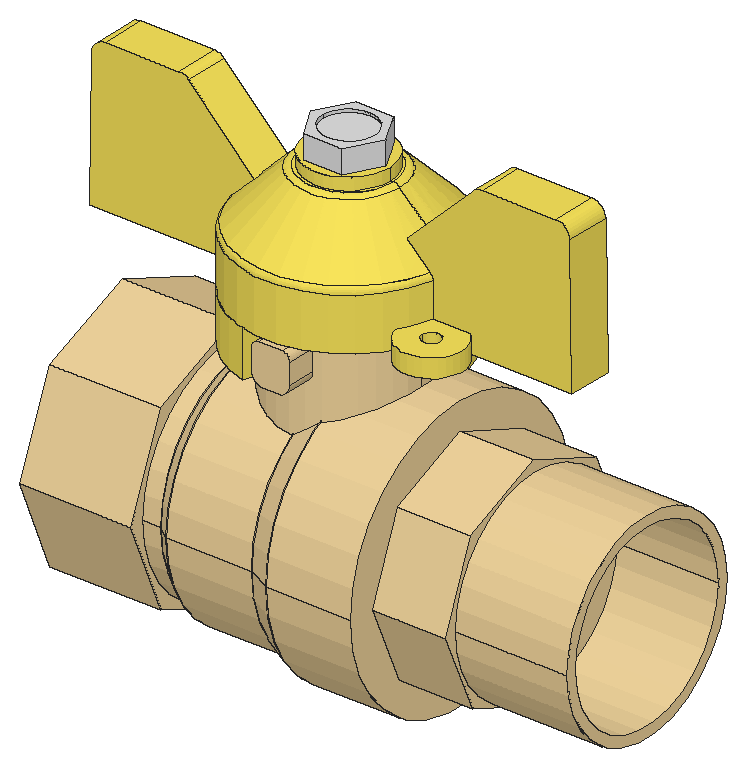
Revit family "Temper_83_КранШаровый-ВН_Бабочка_GAS", category Арматура трубопроводов, Revit 2019
Family settings
  Размер круглого соединителя = Использовать диаметр
  Тип детали = Вставляется
  На основе рабочей плоскости = Нет
  Всегда вертикально = Да
  При загрузке вырезать с полостями = Нет
  Общий = Нет
Parameters (values of type "DN 15")
  Угол [instance] = 135.00°  # constant formula
  ТВ1 = "temper"  # constant formula
  ТВ = "ВН"  # constant formula
  Разработчик = "https://3dbim.pro/"
  Изготовитель = "ООО «ТД «Темпер»"  # constant formula
  Длина УГО [instance] = L - S1  # 45.5 mm
  L8 [instance] = S1 * 1.1  # 12.1 mm
  K1 [instance] = size_lookup(ТВ, "SW1", 10 mm, ADSK_Диаметр условный)  # 22 mm
  K [instance] = size_lookup(ТВ, "SW", 10 mm, ADSK_Диаметр условный)  # 25.5 mm
  S2 [instance] = size_lookup(ТВ1, "C", 10 mm, ADSK_Диаметр условный, N)  # 11 mm
  S1 [instance] = size_lookup(ТВ1, "C", 10 mm, ADSK_Диаметр условный, N)  # 11 mm
  N = 3  # constant formula
  L7 [instance] = size_lookup(ТВ, "L7", 10 mm, ADSK_Диаметр условный)  # 8 mm
  L6 [instance] = (L - L1 - L2 - L3 - L5 - L7 - L8) / 2  # 9.2 mm
  L5 [instance] = size_lookup(ТВ, "L5", 10 mm, ADSK_Диаметр условный)  # 2.6 mm
  L4 [instance] = L6  # 9.2 mm
  L3 [instance] = size_lookup(ТВ, "L3", 10 mm, ADSK_Диаметр условный)  # 1.5 mm
  L2 [instance] = size_lookup(ТВ, "L2", 10 mm, ADSK_Диаметр условный)  # 2 mm
  L1 [instance] = size_lookup(ТВ, "L1", 10 mm, ADSK_Диаметр условный)  # 11.9 mm
  L [instance] = size_lookup(ТВ1, "L", 10 mm, ADSK_Диаметр условный, N)  # 56.5 mm
  G1 [instance] = G * 0.9  # 19.35 mm
  G [instance] = size_lookup(ТВ, "G", 10 mm, ADSK_Диаметр условный)  # 21.5 mm
  F [instance] = size_lookup(ТВ, "F", 10 mm, ADSK_Диаметр условный)  # 15.75 mm
  ET1 [instance] = if(ADSK_Диаметр условный < 25 mm, 0.43 * ET, if(ADSK_Диаметр условный < 35 mm, 0.36 * ET, 0.4 * ET))  # 16.125 mm
  ET [instance] = size_lookup(ТВ1, "B", 10 mm, ADSK_Диаметр условный, N)  # 37.5 mm
  E [instance] = size_lookup(ТВ, "E", 10 mm, ADSK_Диаметр условный)  # 24.375 mm
  D3 [instance] = size_lookup(ТВ, "D3", 10 mm, ADSK_Диаметр условный)  # 29.5 mm
  D2 [instance] = size_lookup(ТВ, "D2", 10 mm, ADSK_Диаметр условный)  # 26.8 mm
  D1 [instance] = size_lookup(ТВ, "D1", 10 mm, ADSK_Диаметр условный)  # 24.5 mm
  AT [instance] = size_lookup(ТВ1, "A1", 10 mm, ADSK_Диаметр условный, N)  # 52 mm
  ADSK_Этаж [instance] = ""
  ADSK_Расход жидкости [instance] = 0.0 L/s
  ADSK_Примечание [instance] = ""
  ADSK_Потеря давления жидкости [instance] = 0.0 Pa
  ADSK_Позиция = ""
  ADSK_Обозначение = "ГОСТ Р 59553-2021"  # constant formula
  ADSK_Наименование краткое = "Кран шаровой латунный Temper"  # constant formula
  ADSK_Наименование = size_lookup(ТВ1, "ADSK_Наименование", "", ADSK_Диаметр условный, N)  # "Кран шаровый латунный Temper для газа DN15 (12”) PN40 внутренняянаружная бабочка GAS"
  ADSK_Материал = Латунь ЛС59-1В
  ADSK_Масса_Текст = size_lookup(ТВ1, "ADSK_Масса_Текст", "", ADSK_Диаметр условный, N)  # "0.15"
  ADSK_Масса = size_lookup(ТВ1, "ADSK_Масса", 0, ADSK_Диаметр условный, N)  # 0.15
  ADSK_Марка = size_lookup(ТВ1, "ADSK_Код изделия", "", ADSK_Диаметр условный, N)  # "8315ВНБ1240"
  ADSK_Количество = 1  # constant formula
  ADSK_Код изделия = size_lookup(ТВ1, "ADSK_Код изделия", "", ADSK_Диаметр условный, N)  # "8315ВНБ1240"
  ADSK_Зона [instance] = ""
  ADSK_Завод-изготовитель = "ООО «ТД «Темпер»"  # constant formula
  ADSK_Единица измерения = "шт."  # constant formula
  ADSK_Диаметр условный = 15 mm
  ADSK_Группирование [instance] = ""
  ADSK_Версия семейства = "v1.0"  # constant formula
  ADSK_Версия Revit = "2019"  # constant formula
  ADSK_URL страницы изделия = "https://brass.temper.ru/en"
  ADSK_URL документации изделия = "https://brass.temper.ru/en"
Types (5, lengths in mm): name | Длина УГО | L8 | K1 | K | S2 | S1 | L7 | L6 | L5 | L4 | L3 | L2 | L1 | L | G1 | G | F | ET1 | ET | E | D3 | D2 | D1 | AT | ADSK_Наименование | ADSK_Масса_Текст | ADSK_Масса | ADSK_Марка | ADSK_Код изделия | ADSK_Диаметр условный
  (no name) | 45.5 | 12.1 | 22 | 25.5 | 11 | 11 | 8 | 9.2 | 2.6 | 9.2 | 1.5 | 2 | 11.9 | 56.5 | 19.35 | 21.5 | 15.75 | 16.125 | 37.5 | 24.375 | 29.5 | 26.8 | 24.5 | 52 | "Кран шаровый латунный Temper для газа DN15 (12”) PN40 внутренняянаружная бабочка GAS" | "0.15" | 0.15 | "8315ВНБ1240" | "8315ВНБ1240" | 15
  DN 15 | 45.5 | 12.1 | 22 | 25.5 | 11 | 11 | 8 | 9.2 | 2.6 | 9.2 | 1.5 | 2 | 11.9 | 56.5 | 19.35 | 21.5 | 15.75 | 16.125 | 37.5 | 24.375 | 29.5 | 26.8 | 24.5 | 52 | "Кран шаровый латунный Temper для газа DN15 (12”) PN40 внутренняянаружная бабочка GAS" | "0.15" | 0.15 | "8315ВНБ1240" | "8315ВНБ1240" | 15
  DN 20 | 47 | 13.2 | 28 | 31.5 | 12 | 12 | 6.5 | 9.3 | 2.6 | 9.3 | 1.6 | 1.9 | 14.6 | 59 | 23.85 | 26.5 | 15.75 | 16.985 | 39.5 | 26.5 | 35.5 | 32.75 | 30 | 52 | "Кран шаровый латунный Temper для газа DN20 (34”) PN40 внутренняянаружная бабочка GAS" | "0.209" | 0.209 | "8320ВНБ3440" | "8320ВНБ3440" | 20
  DN 32 | 62.5 | 15.4 | 42.6 | 47.5 | 14 | 14 | 8.5 | 11.55 | 3.4 | 11.55 | 2.6 | 4.5 | 19 | 76.5 | 37.8 | 42 | 21 | 17.82 | 49.5 | 35.45 | 54 | 50.5 | 46.1 | 65 | "Кран шаровый латунный Temper для газа  DN32 (1 14”) PN25 внутренняянаружная бабочка GAS" | "0.614" | 0.614 | "8332ВНБ11425" | "8332ВНБ11425" | 32
  DN 25 | 54 | 15.4 | 35 | 38.25 | 14 | 14 | 7.5 | 10.25 | 2.5 | 10.25 | 1.9 | 1.6 | 18.6 | 68 | 30.15 | 33.5 | 20 | 15.48 | 43 | 31.25 | 43 | 40.5 | 37.25 | 52 | "Кран шаровый латунный Temper для газа  DN25 (1”) PN40 внутренняянаружная бабочка GAS" | "0.332" | 0.332 | "8325ВНБ140" | "8325ВНБ140" | 25
Reference planes
  plane 1 "По центру (Вперед/Назад)": y = 0
  plane 2: z = 0
  plane 3 "По центру (Влево/Вправо)": x = 0
  plane 4: x = -24.375
  plane 5: x = 20.025
  plane 6: x = -12.475
  plane 7: x = -10.475
  plane 8: x = -8.975
  plane 9: x = 0.225
  plane 10: x = 2.825
  plane 11: x = 12.025
  plane 12: x = -13.375
  plane 13: z = 21.375
  plane 14: z = 37.5
  plane 15: x = 32.125
  plane 16: x = 21.125
Forms (mm)
  Extrusion 1, solid, material "Латунь ЛС59-1В" <- "ADSK_Материал", detail levels fine
    sketch origin (-18.841, 0, -5.999) x (0, 1, 0) y (0, 0, 1)
      loop
        circle (0, 5.999) r 12.25
    from 6.366 to 8.366
  Extrusion 2, solid, material "Латунь ЛС59-1В" <- "ADSK_Материал", detail levels fine
    sketch origin (-18.841, -37.917, 10.096) x (0, 1, 0) y (0, 0, 1)
      loop
        circle (37.917, -10.096) r 13.4
    from 9.866 to 19.066
  Extrusion 3, solid, material "Латунь ЛС59-1В" <- "ADSK_Материал", detail levels fine
    sketch origin (-18.841, -79.208, 7.932) x (0, 1, 0) y (0, 0, 1)
      loop
        circle (79.208, -7.932) r 14.75
    from 21.666 to 30.866
  Blend 4, solid, material "Латунь ЛС59-1В" <- "ADSK_Материал", detail levels fine
    base sketch origin (-18.841, 0, -5.999) x (0, 1, 0) y (0, 0, 1)
      loop
        circle (0, 5.999) r 12.25
    top sketch origin (-18.841, 0, -5.999) x (0, 1, 0) y (0, 0, 1)
      loop
        circle (0, 5.999) r 13.4
    from 8.366 to 9.866
  Blend 5, solid, material "Латунь ЛС59-1В" <- "ADSK_Материал", detail levels fine
    base sketch origin (-18.841, -33.951, 12.82) x (0, 1, 0) y (0, 0, 1)
      loop
        circle (33.951, -12.82) r 14.75
    top sketch origin (-18.841, -33.951, 12.82) x (0, 1, 0) y (0, 0, 1)
      loop
        circle (33.951, -12.82) r 13.4
    from 21.666 to 19.066
  Extrusion 6, solid, material "Латунь ЛС59-1В" <- "ADSK_Материал", detail levels fine
    sketch origin (0, 0, 0) x (1, 0, 0) y (0, 1, 0)
      loop
        circle (0, 0) r 7.875
    from 0 to 21.375
  Extrusion 7, solid, material "Латунь ЛС59-1В" <- "ADSK_Материал", detail levels fine
    sketch origin (-0.106, -0.025, -0.026) x (0, 1, 0) y (0, 0, 1)
      loop
        line (-9.738, 9.78) -> (-13.775, 0.02) -> (-9.729, -9.737) -> (0.031, -13.775) -> (9.788, -9.728) -> (13.826, 0.032) -> (9.779, 9.789) -> (0.019, 13.826) -> (-9.738, 9.78)
    from -24.269 to -12.369
  Extrusion 8, solid, material "Латунь ЛС59-1В" <- "ADSK_Материал", detail levels fine
    sketch origin (87.39, -0.618, -0.151) x (0, 1, 0) y (0, 0, 1)
      loop
        line (-7.907, 8.462) -> (-11.287, 0) -> (-7.693, -8.374) -> (0.769, -11.755) -> (9.143, -8.161) -> (12.524, 0.301) -> (8.93, 8.676) -> (0.468, 12.056) -> (-7.907, 8.462)
    from -75.365 to -67.365
  Extrusion 9, void
    sketch origin (0, 0, 0) x (0, 1, 0) y (0, 0, 1)
      loop
        circle (0, 0) r 10.75
    from -24.375 to -13.375
  Extrusion 10, void
    sketch origin (0, 0, 0) x (0, 1, 0) y (0, 0, 1)
      loop
        circle (0, 0) r 9.675
    from 21.125 to 32.125
  Extrusion 11, solid, material "Латунь ЛС59-1В" <- "ADSK_Материал", detail levels fine
    sketch origin (0, 0, 0) x (0, 1, 0) y (0, 0, 1)
      loop
        circle (0, 0) r 10.75
    from 20.025 to 32.125
Cuts and joins
  Extrusion 9, Extrusion 10 cuts Extrusion 2
  Extrusion 9, Extrusion 10 cuts Extrusion 3
  Extrusion 9, Extrusion 10 cuts Blend 5
  Extrusion 9, Extrusion 10 cuts Extrusion 6
  Extrusion 9, Extrusion 10 cuts Extrusion 8
  Extrusion 9 cuts Extrusion 7
  Extrusion 10 cuts Extrusion 11
Dimensions and locks
  "E": plane 3 "По центру (Влево/Вправо)" to plane 4
  plane 5 to plane 3 "По центру (Влево/Вправо)" = 20.025 mm
  "S1": plane 12 to plane 4
  "L1": plane 6 to plane 4
  "L2": plane 7 to plane 6
  "L3": plane 8 to plane 7
  "L4": plane 9 to plane 8
  "L5": plane 10 to plane 9
  "L6": plane 11 to plane 10
  "L7": plane 5 to plane 11
  "K": Extrusion 7 sketch curve to Extrusion 7 sketch curve  (x4)
  equal spacing: Extrusion 7 sketch curve, plane 1 "По центру (Вперед/Назад)", Extrusion 7 sketch curve  (x4)
  "K1": Extrusion 8 sketch curve to Extrusion 8 sketch curve  (x4)
  equal spacing: Extrusion 8 sketch curve, plane 1 "По центру (Вперед/Назад)", Extrusion 8 sketch curve  (x4)
  "ET": plane 14 to plane 2
  "ET1": plane 14 to plane 13
  plane 5 to plane 4 = 44.4 mm
  "L8": plane 15 to plane 5
  "S2": plane 16 to plane 15
  "D1": diameter of Extrusion 1 sketch curve
  "D2": diameter of Extrusion 2 sketch curve
  "D3": diameter of Extrusion 3 sketch curve
  "D1": diameter of Blend 4 sketch curve
  "D2": diameter of Blend 4 sketch curve
  "D3": diameter of Blend 5 sketch curve
  "D2": diameter of Blend 5 sketch curve
  "F": diameter of Extrusion 6 sketch curve
  "G": diameter of Extrusion 9 sketch curve
  "G1": diameter of Extrusion 10 sketch curve
  "G": diameter of Extrusion 11 sketch curve
  angle Extrusion 7 sketch curve to Extrusion 7 sketch curve = 135.00°  (x8)
  angle Extrusion 8 sketch curve to Extrusion 8 sketch curve = 135.00°  (x8)
  aligned and locked: level to plane 2
  aligned and locked: plane 2 to Extrusion 1 sketch curve
  aligned and locked: plane 1 "По центру (Вперед/Назад)" to Extrusion 1 sketch curve
  aligned and locked: level to Blend 4 sketch curve  (x2)
  aligned and locked: plane 1 "По центру (Вперед/Назад)" to Blend 4 sketch curve  (x2)
  aligned and locked: level to Extrusion 2 sketch curve
  aligned and locked: plane 1 "По центру (Вперед/Назад)" to Extrusion 2 sketch curve
  aligned and locked: level to Blend 5 sketch curve  (x2)
  aligned and locked: plane 1 "По центру (Вперед/Назад)" to Blend 5 sketch curve  (x2)
  aligned and locked: level to Extrusion 3 sketch curve
  aligned and locked: plane 1 "По центру (Вперед/Назад)" to Extrusion 3 sketch curve
  aligned and locked: Extrusion 1 to plane 6
  aligned and locked: plane 7 to Extrusion 1
  aligned and locked: Blend 4 to plane 7
  aligned and locked: plane 8 to Blend 4
  aligned and locked: Extrusion 2 to plane 8
  aligned and locked: plane 9 to Extrusion 2
  aligned and locked: Blend 5 to plane 9
  aligned and locked: plane 10 to Blend 5
  aligned and locked: Extrusion 3 to plane 10
  aligned and locked: plane 11 to Extrusion 3
  aligned and locked: plane 1 "По центру (Вперед/Назад)" to Extrusion 6 sketch curve
  aligned and locked: plane 3 "По центру (Влево/Вправо)" to Extrusion 6 sketch curve
  aligned and locked: Extrusion 6 to level
  aligned and locked: Extrusion 7 to plane 4
  aligned and locked: plane 6 to Extrusion 7
  aligned and locked: Extrusion 8 to plane 11
  aligned and locked: plane 5 to Extrusion 8
  aligned and locked: Extrusion 9 to plane 4
  aligned and locked: plane 12 to Extrusion 9
  aligned and locked: nested 1 to plane 1 "По центру (Вперед/Назад)"
  aligned and locked: plane 13 to Extrusion 6
  aligned and locked: Extrusion 11 to plane 15
  aligned and locked: Extrusion 11 to plane 5
  aligned and locked: Extrusion 10 to plane 15
  aligned and locked: nested 1 to plane 15
  aligned and locked: nested 2 to plane 2
  aligned and locked: plane 15 to nested 2
  aligned and locked: plane 1 "По центру (Вперед/Назад)" to nested 3
  aligned and locked: nested 3 to plane 13
  aligned and locked: plane 3 "По центру (Влево/Вправо)" to nested 3
Automatic sketch dimensions
  Extrusion 7 sketch curve to level = 0.006 mm
  Extrusion 8 sketch curve to level = 0.151 mm
  Extrusion 9 sketch curve to level = 0 mm
  Extrusion 9 sketch curve to plane 1 "По центру (Вперед/Назад)" = 0 mm
  Extrusion 10 sketch curve to level = 0 mm
  Extrusion 10 sketch curve to plane 1 "По центру (Вперед/Назад)" = 0 mm
  Extrusion 11 sketch curve to level = 0 mm
  Extrusion 11 sketch curve to plane 1 "По центру (Вперед/Назад)" = 0 mm
Nested families
  nested 1: "УГО_АТ_Кран шаровой проходной" at (9.375, 0, 0) x (1, 0, 0) z (0, 1, 0), УГО_Длина <- "Длина УГО", type "УГО_АТ_Кран шаровой проходной", detail levels coarse+medium
    with УГО_Длина 45.5 mm, d 4.55 mm, a 22.75 mm
  nested 2: "УГО_ЭУ_Кран шаровой проходной" at (9.375, 0, 0) x (1, 0, 0) z (0, -1, 0), УГО_Длина <- "Длина УГО", type "УГО_ЭУ_Кран шаровой проходной", detail levels coarse+medium
    with УГО_Длина 45.5 mm, R 4.55 mm, A 26.269 mm
  nested 3: "Вл_бабочка" at (0, 0, 21.375), Диаметр <- "ADSK_Диаметр условный", type "Желтая", detail levels fine
    with Диаметры 25 и 32 no, Диаметры 15 и 20 yes, Диаметр 15 mm
Connectors
  piping at (-13.375, 0, 0), diameter 15, driven by "ADSK_Диаметр условный", driven by "ADSK_Расход жидкости", driven by "ADSK_Потеря давления жидкости"
    settings: on cut or joined group of Extrusion 7, Extrusion 9, index 1, connector inside diameter 609.6 mm, connector length 0 mm, flow factor 0, pipe flow 0.0 L/s, pressure drop 0.0 Pa, fitting loss kfactor 0, connector angle 0.00°, fixture units 0, engagement length 0 mm, angle of deflection 0.00°, flow configuration 0, flow direction 0, fitting loss method 4, system type 29, joint type 0, gender type 0, connector reference index 2, connector utility 0, adjustable connector no, is connector primary yes, connector description ""
  piping at (32.125, 0, 0), diameter 15, driven by "ADSK_Диаметр условный", driven by "ADSK_Расход жидкости"
    settings: on cut or joined group of Extrusion 10, Extrusion 11, index 2, connector inside diameter 609.6 mm, connector length 0 mm, flow factor 0, pipe flow 0.0 L/s, pressure drop 0.0 Pa, fitting loss kfactor 0, connector angle 0.00°, fixture units 0, engagement length 0 mm, angle of deflection 0.00°, flow configuration 0, flow direction 0, fitting loss method 0, system type 29, joint type 0, gender type 0, connector reference index 1, connector utility 0, adjustable connector no, is connector primary no, connector description ""
Definition of nested family "УГО_АТ_Кран шаровой проходной"
  Parameters (values of type "УГО_АТ_Кран шаровой проходной")
    УГО_Длина [instance] = 60 mm
    d [instance] = УГО_Длина / 10  # 6 mm
    a [instance] = УГО_Длина / 2  # 30 mm
  Reference planes
    plane 1 "По центру (Вперед/Назад)": y = 0
    plane 2: z = 0
    plane 3 "По центру (Влево/Вправо)": x = 0
    plane 4: x = -30
    plane 5: x = 30
  Forms (mm)
    Extrusion 1, solid
      sketch origin (0, 0, 0) x (1, 0, 0) y (0, 0, 1)
        loop
          line (0, 0) -> (-30, 17.321) -> (-30, -17.321) -> (0, 0)
      from -0.5 to 0.5
    Extrusion 2, solid
      sketch origin (0, 0, 0) x (-1, 0, 0) y (0, 0, -1)
        loop
          line (0, 0) -> (-30, 17.321) -> (-30, -17.321) -> (0, 0)
      from -0.5 to 0.5
    Extrusion 3, solid
      sketch origin (0, 0, 0) x (1, 0, 0) y (0, 0, 1)
        loop
          circle (0, 0) r 6
      from -1 to 1
  Cuts and joins
    joined: Extrusion 1, Extrusion 2, Extrusion 3
  Dimensions and locks
    "a": plane 3 "По центру (Влево/Вправо)" to plane 4
    "a": plane 5 to plane 3 "По центру (Влево/Вправо)"
    "d": radius of Extrusion 3 sketch curve
    locked: plane 2 to Extrusion 2 sketch curve (angle 30.00°)
    locked: Extrusion 2 sketch curve to plane 2 (angle 30.00°)
    locked: Extrusion 1 sketch curve to plane 2 (angle 30.00°)
    locked: plane 2 to Extrusion 1 sketch curve (angle 30.00°)
    aligned and locked: level to plane 2
    aligned and locked: plane 3 "По центру (Влево/Вправо)" to Extrusion 3 sketch curve
    aligned and locked: plane 2 to Extrusion 3 sketch curve
  Automatic sketch dimensions
    Extrusion 1 sketch curve to plane 4 = 0 mm
    Extrusion 1 sketch curve to level = 0 mm
    Extrusion 1 sketch curve to plane 3 "По центру (Влево/Вправо)" = 0 mm
    plane 5 to Extrusion 2 sketch curve = 0 mm
    Extrusion 2 sketch curve to level = 0 mm
    Extrusion 2 sketch curve to plane 3 "По центру (Влево/Вправо)" = 0 mm
Definition of nested family "Вл_бабочка"
  Parameters (values of type "Желтая")
    Материал = none
    Диаметры 25 и 32 [instance] = or(Диаметр = 25 mm, Диаметр = 32 mm)  # yes
    Диаметры 15 и 20 [instance] = or(Диаметр = 15 mm, Диаметр = 20 mm)  # no
    Диаметр [instance] = 25 mm
  Types (2): name
    Красная
    Желтая
  Reference planes
    plane 1 "По центру (Вперед/Назад)": y = 0
    plane 2: z = 0
    plane 3 "По центру (Влево/Вправо)": x = 0
  Forms (mm)
    Revolve 1, solid, material <- "Материал", visible <- "Диаметры 15 и 20"
      sketch origin (0, 0, 0) x (1, 0, 0) y (0, 0, 1)
        loop
          line (11.2, -5) -> (11.2, 0) -> (8.506, 0) -> (8.506, -5) -> (11.2, -5)
        axis (0, 0) -> (0, -5)
      angle from 13 to 76
    Revolve 2, solid, material <- "Материал", visible <- "Диаметры 15 и 20"
      sketch origin (0, 0, 0) x (-1, 0, 0) y (0, 0, 1)
        loop
          line (11.2, -5) -> (11.2, 0) -> (8.5, 0) -> (8.5, -5) -> (11.2, -5)
        axis (0, 0) -> (0, -5)
      angle from -76 to -13
    Extrusion 3, solid, visible <- "Диаметры 15 и 20"
      sketch origin (0, 0, 0) x (1, 0, 0) y (0, 0, 1)
        loop
          arc (0.858, -5.252) -> (1.706, -4.901) -> (2.058, -4.052) r 1.2
          line (2.058, -4.052) -> (2.058, -1.792)
          arc (2.058, -1.792) -> (1.824, -1.227) -> (1.258, -0.992) r 0.8
          line (1.258, -0.992) -> (-1.258, -0.992)
          arc (-1.258, -0.992) -> (-1.824, -1.227) -> (-2.058, -1.792) r 0.8
          line (-2.058, -1.792) -> (-2.058, -4.052)
          arc (-2.058, -4.052) -> (-1.706, -4.901) -> (-0.858, -5.252) r 1.2
          line (-0.858, -5.252) -> (0.858, -5.252)
      from 0 to 10.5
    Revolve 4, solid, material <- "Материал", visible <- "Диаметры 15 и 20"
      sketch origin (0, 0, 0) x (1, 0, 0) y (0, 0, 1)
        loop
          line (-5.543, 11.707) -> (-10.907, 6.343)
          arc (-10.907, 6.343) -> (-11.124, 6.018) -> (-11.2, 5.636) r 1
          line (-11.2, 5.636) -> (-11.2, 0) -> (0, 0) -> (0, 12) -> (-4.836, 12)
          arc (-4.836, 12) -> (-5.218, 11.924) -> (-5.543, 11.707) r 1
        axis (0, 0) -> (0, 12)
      angle from 0 to 360
    Extrusion 5, solid, material <- "Материал", visible <- "Диаметры 15 и 20"
      sketch origin (0, 0, 0) x (1, 0, 0) y (0, 0, 1)
        loop
          line (26, 0) -> (25.773, 14.773)
          arc (25.773, 14.773) -> (25.325, 15.819) -> (24.273, 16.25) r 1.5
          line (24.273, 16.25) -> (16.371, 16.25)
          arc (16.371, 16.25) -> (15.797, 16.136) -> (15.311, 15.811) r 1.5
          line (15.311, 15.811) -> (1.71, 2.21) -> (1.71, 0) -> (26, 0)
        loop
          line (-26, 0) -> (-1.71, 0) -> (-1.71, 2.21) -> (-15.311, 15.811)
          arc (-15.311, 15.811) -> (-15.797, 16.136) -> (-16.371, 16.25) r 1.5
          line (-16.371, 16.25) -> (-24.273, 16.25)
          arc (-24.273, 16.25) -> (-25.325, 15.819) -> (-25.773, 14.773) r 1.5
          line (-25.773, 14.773) -> (-26, 0)
      from 2.375 to -2.375
    Extrusion 6, solid, material <- "Материал", visible <- "Диаметры 15 и 20"
      sketch origin (0, 0, 0) x (1, 0, 0) y (0, 1, 0)
        loop
          circle (0, 0) r 4.5
      from 12 to 13.27
    Extrusion 7, solid, visible <- "Диаметры 15 и 20"
      sketch origin (0, 0, 0) x (1, 0, 0) y (0, 1, 0)
        loop
          line (-2.021, 3.5) -> (-4.041, 0) -> (-2.021, -3.5) -> (2.021, -3.5) -> (4.041, 0) -> (2.021, 3.5) -> (-2.021, 3.5)
        loop
          circle (0, 0) r 2.8
      from 13.27 to 15.77
    Extrusion 8, solid, visible <- "Диаметры 15 и 20"
      sketch origin (0, 0, 0) x (1, 0, 0) y (0, 1, 0)
        loop
          circle (0, 0) r 2.8
      from 13.27 to 15.5
    Extrusion 9, solid, material <- "Материал", visible <- "Диаметры 15 и 20"
      sketch origin (0, 0, 0) x (1, 0, 0) y (0, 1, 0)
        loop
          arc (9.664, -5.661) -> (14.777, -7.992) -> (14.953, -2.375) r 3.375
          line (14.953, -2.375) -> (10.945, -2.375)
          arc (10.945, -2.375) -> (10.435, -4.069) -> (9.664, -5.661) r 11.2
        loop
          arc (14.953, 2.375) -> (14.777, 7.992) -> (9.664, 5.661) r 3.375
          arc (9.664, 5.661) -> (10.435, 4.069) -> (10.945, 2.375) r 11.2
          line (10.945, 2.375) -> (14.953, 2.375)
        loop
          circle (12.996, 5.125) r 1
        loop
          circle (12.996, -5.125) r 1
      from 0 to 2
    Extrusion 10, solid, material <- "Материал", visible <- "Диаметры 25 и 32"
      sketch origin (0, 0, 0) x (1, 0, 0) y (0, 0, 1)
        loop
          line (-32.134, 16.772) -> (-32.5, 0) -> (-6.434, 0) -> (-18.564, 17.324)
          arc (-18.564, 17.324) -> (-18.922, 17.637) -> (-19.383, 17.75) r 1
          line (-19.383, 17.75) -> (-31.134, 17.75)
          arc (-31.134, 17.75) -> (-31.834, 17.465) -> (-32.134, 16.772) r 1
        loop
          arc (32.134, 16.772) -> (31.834, 17.465) -> (31.134, 17.75) r 1
          line (31.134, 17.75) -> (19.383, 17.75)
          arc (19.383, 17.75) -> (18.922, 17.637) -> (18.564, 17.324) r 1
          line (18.564, 17.324) -> (6.434, 0) -> (32.5, 0) -> (32.134, 16.772)
      from -2.625 to 2.625
    Revolve 11, solid, material <- "Материал", visible <- "Диаметры 25 и 32"
      sketch origin (0, 0, 0) x (1, 0, 0) y (0, 0, 1)
        loop
          line (-15.1, 0) -> (0, 0) -> (0, 8.75) -> (-8.969, 8.75)
          arc (-8.969, 8.75) -> (-9.359, 8.707) -> (-9.73, 8.581) r 1.8
          line (-9.73, 8.581) -> (-14.465, 6.373)
          arc (-14.465, 6.373) -> (-14.928, 5.968) -> (-15.1, 5.377) r 1.1
          line (-15.1, 5.377) -> (-15.1, 0)
        axis (0, 0) -> (0, 8.75)
      angle from 0 to 360
    Revolve 12, solid, material <- "Материал", visible <- "Диаметры 25 и 32"
      sketch origin (0, 0, 0) x (1, 0, 0) y (0, 0, 1)
        loop
          line (15.1, -6) -> (15.1, 0) -> (11.5, 0) -> (11.5, -6) -> (15.1, -6)
        axis (0, -6) -> (0, 0)
      angle from 13 to 76
    Revolve 13, solid, material <- "Материал", visible <- "Диаметры 25 и 32"
      sketch origin (0, 0, 0) x (-1, 0, 0) y (0, 0, 1)
        loop
          line (15.1, -6) -> (15.1, 0) -> (11.5, 0) -> (11.5, -6) -> (15.1, -6)
        axis (0, -6) -> (0, 0)
      angle from -13 to -76
    Extrusion 14, solid, visible <- "Диаметры 25 и 32"
      sketch origin (0, 0, 0) x (1, 0, 0) y (0, 0, 1)
        loop
          arc (2.5, -1.6) -> (2.031, -0.469) -> (0.9, 0) r 1.6
          line (0.9, 0) -> (-0.9, 0)
          arc (-0.9, 0) -> (-2.031, -0.469) -> (-2.5, -1.6) r 1.6
          line (-2.5, -1.6) -> (-2.5, -4.7)
          arc (-2.5, -4.7) -> (-1.973, -5.973) -> (-0.7, -6.5) r 1.8
          line (-0.7, -6.5) -> (0.7, -6.5)
          arc (0.7, -6.5) -> (1.973, -5.973) -> (2.5, -4.7) r 1.8
          line (2.5, -4.7) -> (2.5, -1.6)
      from 0 to 14
    Extrusion 15, solid, visible <- "Диаметры 25 и 32"
      sketch origin (0, 0, 0) x (1, 0, 0) y (0, 1, 0)
        loop
          line (-0.604, 7.074) -> (-5.963, 3.855)
          arc (-5.963, 3.855) -> (-6.21, 3.442) -> (-6.429, 3.014) r 7.1
          line (-6.429, 3.014) -> (-6.319, -3.236)
          arc (-6.319, -3.236) -> (-6.086, -3.657) -> (-5.824, -4.06) r 7.1
          line (-5.824, -4.06) -> (-0.357, -7.091)
          arc (-0.357, -7.091) -> (0.124, -7.099) -> (0.604, -7.074) r 7.1
          line (0.604, -7.074) -> (5.963, -3.855)
          arc (5.963, -3.855) -> (6.21, -3.442) -> (6.429, -3.014) r 7.1
          line (6.429, -3.014) -> (6.319, 3.236)
          arc (6.319, 3.236) -> (6.086, 3.657) -> (5.824, 4.06) r 7.1
          line (5.824, 4.06) -> (0.357, 7.091)
          arc (0.357, 7.091) -> (-0.124, 7.099) -> (-0.604, 7.074) r 7.1
        loop
          circle (0, 0) r 4.2
      from 8.75 to 13.75
    Extrusion 16, solid, visible <- "Диаметры 25 и 32"
      sketch origin (0, 0, 0) x (1, 0, 0) y (0, 1, 0)
        loop
          line (2.66, 3.25) -> (-2.66, 3.25)
          arc (-2.66, 3.25) -> (-4.2, 0) -> (-2.66, -3.25) r 4.2
          line (-2.66, -3.25) -> (2.66, -3.25)
          arc (2.66, -3.25) -> (4.2, 0) -> (2.66, 3.25) r 4.2
      from 8.75 to 15
    Extrusion 17, solid, material <- "Материал", visible <- "Диаметры 25 и 32"
      sketch origin (0, 0, 0) x (1, 0, 0) y (0, 1, 0)
        loop
          circle (-15.906, 3.882) r 3
        loop
          circle (15.906, -3.882) r 3
        loop
          circle (-15.906, 3.882) r 1.25
        loop
          circle (15.906, -3.882) r 1.25
      from 0 to 2.5
  Cuts and joins
    joined: Revolve 4, Extrusion 5
    joined: Extrusion 10, Revolve 11
  Dimensions and locks
    aligned and locked: level to plane 2
Definition of nested family "УГО_ЭУ_Кран шаровой проходной"
  Parameters (values of type "УГО_ЭУ_Кран шаровой проходной")
    УГО_Длина [instance] = 54 mm
    R [instance] = УГО_Длина / 10  # 5.4 mm
    A [instance] = УГО_Длина / tan(60.00°)  # 31.177 mm
  Reference planes
    plane 1 "По центру (Вперед/Назад)": y = 0
    plane 2: z = 0
    plane 3 "По центру (Влево/Вправо)": x = 0
    plane 4: x = -27
    plane 5: x = 27
    plane 6: y = 15.588
    plane 7: y = -15.588
  Lines and regions (mm)
    Filled region 1, type "УГО_ЭУ_Белый", in view "Опорный уровень"
      outline origin (0, 0, 0) x (1, 0, 0) y (0, 1, 0)
        loop
          circle (0, 0) r 5.4
    Masking region 1, in view "Опорный уровень"
      outline origin (0, 0, 0) x (1, 0, 0) y (0, 1, 0)
        loop
          line (-27, 15.588) -> (-27, -15.588) -> (-4.677, -2.7)
          arc (-4.677, -2.7) -> (-5.4, 0) -> (-4.677, 2.7) r 5.4
          line (-4.677, 2.7) -> (-27, 15.588)
    Masking region 2, in view "Опорный уровень"
      outline origin (0, 0, 0) x (1, 0, 0) y (0, 1, 0)
        loop
          line (27, 15.588) -> (4.677, 2.7)
          arc (4.677, 2.7) -> (5.4, 0) -> (4.677, -2.7) r 5.4
          line (4.677, -2.7) -> (27, -15.588) -> (27, 15.588)
  Dimensions and locks
    equal spacing: plane 4, plane 3 "По центру (Влево/Вправо)", plane 5
    "УГО_Длина": plane 4 to plane 5
    equal spacing: plane 6, plane 1 "По центру (Вперед/Назад)", plane 7
    "A": plane 6 to plane 7
    "R": radius of Masking region 1 sketch curve
    "R": radius of Masking region 2 sketch curve
    "R": radius of Filled region 1 sketch curve
    locked: Masking region 1 sketch curve to plane 6 (angle 30.00°)
    locked: plane 7 to Masking region 1 sketch curve (angle 30.00°)
    locked: plane 6 to Masking region 2 sketch curve (angle 30.00°)
    locked: Masking region 2 sketch curve to plane 7 (angle 30.00°)
    aligned and locked: plane 3 "По центру (Влево/Вправо)" to Masking region 1 sketch curve
    aligned and locked: plane 1 "По центру (Вперед/Назад)" to Masking region 1 sketch curve
    aligned and locked: plane 3 "По центру (Влево/Вправо)" to Masking region 2 sketch curve
    aligned and locked: plane 1 "По центру (Вперед/Назад)" to Masking region 2 sketch curve
    aligned and locked: plane 5 to Masking region 2 sketch curve  (x2)
    aligned and locked: plane 6 to Masking region 1 sketch curve
    aligned and locked: plane 7 to Masking region 1 sketch curve
    aligned and locked: plane 4 to Masking region 1 sketch curve  (x2)
    aligned and locked: plane 6 to Masking region 2 sketch curve
    aligned and locked: plane 7 to Masking region 2 sketch curve
  Automatic sketch dimensions
    plane 1 "По центру (Вперед/Назад)" to Filled region 1 sketch curve = 0 mm
    Filled region 1 sketch curve to plane 3 "По центру (Влево/Вправо)" = 0 mm
